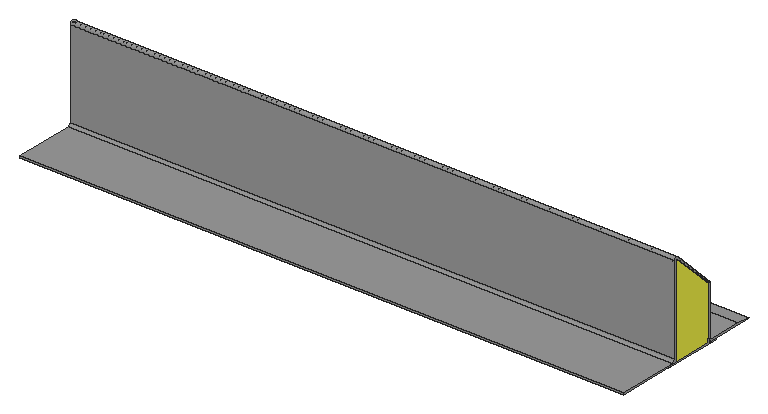
Revit family "HD K 90 WIL", category Generic Models, Revit 2014
Parameters (values of type "Max lintel length 2700mm")
  URL = "http://www.keystonelintels.co.uk"
  Structural Opening [instance] = 900 mm
  Structural Performance = "The Keystone lintel range has safe working loads as detailed in each applicable loading table in the Keystone Lintel Guide brochure. The structural performance figures within each table have been ascertained by testing in accordance with the requirements of standards BS EN 5977-2: 1983 and BS EN 845-2: 2003."
  RIBA Productor Selector = "available for Keystone Lintels Ltd from Keystone Lintels Ltd from ribaproductselector.com"
  Model = "HD/K 90 WIL"
  Min Length = 600 mm
  Min Clear Span = 300 mm
  Max Length = 2700 mm
  Max Clear Span = 2700 mm
  Material - Stainless Steel = "Grade 304 2b 1.4307 to BS EN 10088-2. Other grades available on request: contact manufacturer."
  Material - Galvanised Steel = "To BS EN 10346: 2009. DX51D plus Z600 or grade Z275 to BS 5977-2: 1983 (BS EN 845-2: 2003)."
  Manufacturer = "Keystone"
  Manufactured Length [instance] = (roundup(Effective Length / 150 mm) * 150 mm)  # 1200 mm
  Lintel height [instance] = 2100 mm
  Keynote = "F30/755"
  Fire Performance = "Keystone lintels have been subjected to a fire test (WARRES No. 101263) in accordance with BS 476-20: 1987, at Exova Warrington Fire and achieved a one hour fire performance."
  End Bearing = 150 mm
  Effective Length [instance] = Clear Opening with MIN MAX set + End Bearing * 2  # 1200 mm
  Corrosion = "Keystone’s standard range of lintels are manufactured from high quality grade pre-galvanized carbon steel with a zinc coating of 600"
  Contact Tel = "+44 (0)28 8676 2184"
  Contact Email = "info@keystonelintels.co.uk"
  Clear Opening with MIN MAX set [instance] = if(Structural Opening < Min Clear Span, Min Clear Span, (if(Structural Opening > Max Clear Span, Max Clear Span, Structural Opening)))  # 900 mm
  CPD Information = "Available for Keystone Lintels Ltd from ribacpd.com"
Reference planes
  plane 1 "Center (Front/Back)": y = 0
  plane 2: z = 0
  plane 3 "Center (Left/Right)": x = 0
  plane 4: x = -600
  plane 5: x = 600
  plane 6: z = 2100
  plane 7: x = -450
  plane 8: x = 450
Forms (mm)
  Extrusion 1, solid, material "Steel"
    sketch origin (0, 700.572, -516.729) x (0, 1, 0) y (0, 0, 1)
      loop
        line (-563.096, 2615.869) -> (-562.986, 2619.067) -> (-587.986, 2619.929) -> (-652.986, 2619.929)
        arc (-652.986, 2619.929) -> (-656.522, 2621.393) -> (-657.986, 2624.929) r 5
        line (-657.986, 2624.929) -> (-657.986, 2721.954)
        arc (-657.986, 2721.954) -> (-658.382, 2723.944) -> (-659.509, 2725.631) r 5.2
        line (-659.509, 2725.631) -> (-737.109, 2803.231)
        arc (-737.109, 2803.231) -> (-742.776, 2804.358) -> (-745.986, 2799.554) r 5.2
        line (-745.986, 2799.554) -> (-745.986, 2624.929)
        arc (-745.986, 2624.929) -> (-747.451, 2621.393) -> (-750.986, 2619.929) r 5
        line (-750.986, 2619.929) -> (-870.986, 2619.929) -> (-870.986, 2616.729) -> (-750.986, 2616.729)
        arc (-750.986, 2616.729) -> (-745.188, 2619.13) -> (-742.786, 2624.929) r 8.2
        line (-742.786, 2624.929) -> (-742.786, 2799.554)
        arc (-742.786, 2799.554) -> (-741.552, 2801.401) -> (-739.372, 2800.968) r 2
        line (-739.372, 2800.968) -> (-661.772, 2723.368)
        arc (-661.772, 2723.368) -> (-661.338, 2722.719) -> (-661.186, 2721.954) r 2
        line (-661.186, 2721.954) -> (-661.186, 2624.929)
        arc (-661.186, 2624.929) -> (-658.784, 2619.13) -> (-652.986, 2616.729) r 8.2
        line (-652.986, 2616.729) -> (-588.041, 2616.729) -> (-563.096, 2615.869)
    from -600 to 600
  Extrusion 2, solid, material "Steel"
    sketch origin (0, 700.572, -516.729) x (0, 1, 0) y (0, 0, 1)
      loop
        line (-759.486, 2615.729) -> (-644.486, 2615.729) -> (-644.486, 2616.729) -> (-661.486, 2616.729) -> (-661.486, 2624.729) -> (-662.486, 2624.729) -> (-662.486, 2616.729) -> (-759.486, 2616.729) -> (-759.486, 2615.729)
    from -600 to 600
  Extrusion 3, solid, material "Insulation"
    sketch origin (0, 700.572, -516.729) x (0, 1, 0) y (0, 0, 1)
      loop
        arc (-652.986, 2616.729) -> (-658.784, 2619.13) -> (-661.186, 2624.929) r 8.2
        line (-661.186, 2624.929) -> (-661.186, 2721.954)
        arc (-661.186, 2721.954) -> (-661.338, 2722.719) -> (-661.772, 2723.368) r 2
        line (-661.772, 2723.368) -> (-739.372, 2800.968)
        arc (-739.372, 2800.968) -> (-741.552, 2801.401) -> (-742.786, 2799.554) r 2
        line (-742.786, 2799.554) -> (-742.786, 2624.929)
        arc (-742.786, 2624.929) -> (-745.188, 2619.13) -> (-750.986, 2616.729) r 8.2
        line (-750.986, 2616.729) -> (-662.486, 2616.729) -> (-662.486, 2624.729) -> (-661.486, 2624.729) -> (-661.486, 2616.729) -> (-652.986, 2616.729)
    from -600 to 600
  Extrusion 4, solid, not visible
    sketch origin (0, 1067.467, 1267.484) x (0, 1, 0) y (0, 0, 1)
      loop
        line (-563.096, 1015.869) -> (-562.986, 1019.067) -> (-587.986, 1019.929) -> (-652.986, 1019.929)
        arc (-652.986, 1019.929) -> (-656.522, 1021.393) -> (-657.986, 1024.929) r 5
        line (-657.986, 1024.929) -> (-657.986, 1121.954)
        arc (-657.986, 1121.954) -> (-658.382, 1123.944) -> (-659.509, 1125.631) r 5.2
        line (-659.509, 1125.631) -> (-737.109, 1203.231)
        arc (-737.109, 1203.231) -> (-742.776, 1204.358) -> (-745.986, 1199.554) r 5.2
        line (-745.986, 1199.554) -> (-745.986, 1024.929)
        arc (-745.986, 1024.929) -> (-747.451, 1021.393) -> (-750.986, 1019.929) r 5
        line (-750.986, 1019.929) -> (-870.986, 1019.929) -> (-870.986, 1016.729) -> (-750.986, 1016.729)
        arc (-750.986, 1016.729) -> (-745.188, 1019.13) -> (-742.786, 1024.929) r 8.2
        line (-742.786, 1024.929) -> (-742.786, 1199.554)
        arc (-742.786, 1199.554) -> (-741.552, 1201.401) -> (-739.372, 1200.968) r 2
        line (-739.372, 1200.968) -> (-661.772, 1123.368)
        arc (-661.772, 1123.368) -> (-661.338, 1122.719) -> (-661.186, 1121.954) r 2
        line (-661.186, 1121.954) -> (-661.186, 1024.929)
        arc (-661.186, 1024.929) -> (-658.784, 1019.13) -> (-652.986, 1016.729) r 8.2
        line (-652.986, 1016.729) -> (-588.041, 1016.729) -> (-563.096, 1015.869)
    from 0 to 250
  Extrusion 5, solid, not visible
    sketch origin (0, 566.393, 1241.63) x (0, 1, 0) y (0, 0, 1)
      loop
        arc (-652.986, 1016.729) -> (-658.784, 1019.13) -> (-661.186, 1024.929) r 8.2
        line (-661.186, 1024.929) -> (-661.186, 1121.954)
        arc (-661.186, 1121.954) -> (-661.338, 1122.719) -> (-661.772, 1123.368) r 2
        line (-661.772, 1123.368) -> (-739.372, 1200.968)
        arc (-739.372, 1200.968) -> (-741.552, 1201.401) -> (-742.786, 1199.554) r 2
        line (-742.786, 1199.554) -> (-742.786, 1024.929)
        arc (-742.786, 1024.929) -> (-745.188, 1019.13) -> (-750.986, 1016.729) r 8.2
        line (-750.986, 1016.729) -> (-662.486, 1016.729) -> (-662.486, 1024.729) -> (-661.486, 1024.729) -> (-661.486, 1016.729) -> (-652.986, 1016.729)
    from 0 to 250
  Extrusion 6, solid, not visible
    sketch origin (0, 944.727, 958.141) x (0, 1, 0) y (0, 0, 1)
      loop
        line (-759.486, 1015.729) -> (-644.486, 1015.729) -> (-644.486, 1016.729) -> (-661.486, 1016.729) -> (-661.486, 1024.729) -> (-662.486, 1024.729) -> (-662.486, 1016.729) -> (-759.486, 1016.729) -> (-759.486, 1015.729)
    from 0 to 250
Dimensions and locks
  equal spacing: plane 4, plane 3 "Center (Left/Right)", plane 5
  "Manufactured Length": plane 4 to plane 5
  "Lintel height": plane 6 to level
  "Structural Opening": plane 7 to plane 8
  equal spacing: plane 7, plane 3 "Center (Left/Right)", plane 8
  aligned and locked: level to plane 2
  aligned and locked: Extrusion 1 to plane 6
  aligned and locked: Extrusion 3 to plane 6
  aligned and locked: plane 6 to Extrusion 2
  aligned and locked: plane 5 to Extrusion 1
  aligned and locked: Extrusion 1 to plane 4
  aligned and locked: plane 5 to Extrusion 2
  aligned and locked: Extrusion 2 to plane 4
  aligned and locked: plane 5 to Extrusion 3
  aligned and locked: Extrusion 3 to plane 4
Automatic sketch dimensions
  Extrusion 1 sketch curve to Extrusion 1 sketch curve = 24.945 mm
  Extrusion 1 sketch curve to Extrusion 1 sketch curve = 0.11 mm
  Extrusion 1 sketch curve to Extrusion 1 sketch curve = 0.86 mm
  Extrusion 1 sketch curve to Extrusion 1 sketch curve = 0.055 mm
  Extrusion 1 sketch curve to Extrusion 1 sketch curve = 65 mm
  Extrusion 1 sketch curve to Extrusion 1 sketch curve = 5 mm  (x2)
  Extrusion 1 sketch curve to Extrusion 1 sketch curve = 0 mm  (x17)
  Extrusion 1 sketch curve to Extrusion 1 sketch curve = 97.025 mm
  Extrusion 1 sketch curve to Extrusion 1 sketch curve = 2 mm
  Extrusion 1 sketch curve to Extrusion 1 sketch curve = 0.586 mm
  Extrusion 1 sketch curve to Extrusion 1 sketch curve = 2.263 mm  (x3)
  Extrusion 1 sketch curve to Extrusion 1 sketch curve = 77.6 mm  (x2)
  Extrusion 1 sketch curve to Extrusion 1 sketch curve = 1.414 mm  (x2)
  Extrusion 1 sketch curve to Extrusion 1 sketch curve = 120 mm
  Extrusion 2 sketch curve to Extrusion 2 sketch curve = 115 mm
  Extrusion 2 sketch curve to Extrusion 2 sketch curve = 1 mm  (x2)
  Extrusion 2 sketch curve to Extrusion 2 sketch curve = 17 mm
  Extrusion 2 sketch curve to Extrusion 2 sketch curve = 8 mm
  Extrusion 2 sketch curve to Extrusion 2 sketch curve = 0 mm
  Extrusion 3 sketch curve to Extrusion 3 sketch curve = 8.2 mm  (x2)
  Extrusion 3 sketch curve to Extrusion 3 sketch curve = 2 mm
  Extrusion 3 sketch curve to Extrusion 3 sketch curve = 1.414 mm  (x2)
  Extrusion 3 sketch curve to Extrusion 3 sketch curve = 77.6 mm  (x2)
  Extrusion 3 sketch curve to Extrusion 3 sketch curve = 80.3 mm
  Extrusion 3 sketch curve to Extrusion 3 sketch curve = 1 mm
  Extrusion 3 sketch curve to Extrusion 3 sketch curve = 0.586 mm
  Extrusion 3 sketch curve to Extrusion 3 sketch curve = 0 mm
  Extrusion 3 sketch curve to Extrusion 3 sketch curve = 0.2 mm
  Extrusion 3 sketch curve to Extrusion 3 sketch curve = 97.025 mm
  Extrusion 4 sketch curve to Extrusion 4 sketch curve = 24.945 mm
  Extrusion 4 sketch curve to Extrusion 4 sketch curve = 0.11 mm
  Extrusion 4 sketch curve to Extrusion 4 sketch curve = 0.86 mm
  Extrusion 4 sketch curve to Extrusion 4 sketch curve = 0.055 mm
  Extrusion 4 sketch curve to Extrusion 4 sketch curve = 65 mm
  Extrusion 4 sketch curve to Extrusion 4 sketch curve = 5 mm  (x2)
  Extrusion 4 sketch curve to Extrusion 4 sketch curve = 0 mm  (x17)
  Extrusion 4 sketch curve to Extrusion 4 sketch curve = 97.025 mm
  Extrusion 4 sketch curve to Extrusion 4 sketch curve = 2 mm
  Extrusion 4 sketch curve to Extrusion 4 sketch curve = 0.586 mm
  Extrusion 4 sketch curve to Extrusion 4 sketch curve = 2.263 mm  (x3)
  Extrusion 4 sketch curve to Extrusion 4 sketch curve = 77.6 mm  (x2)
  Extrusion 4 sketch curve to Extrusion 4 sketch curve = 1.414 mm  (x2)
  Extrusion 4 sketch curve to Extrusion 4 sketch curve = 120 mm
  Extrusion 5 sketch curve to Extrusion 5 sketch curve = 8.2 mm  (x2)
  Extrusion 5 sketch curve to Extrusion 5 sketch curve = 2 mm
  Extrusion 5 sketch curve to Extrusion 5 sketch curve = 1.414 mm  (x2)
  Extrusion 5 sketch curve to Extrusion 5 sketch curve = 77.6 mm  (x2)
  Extrusion 5 sketch curve to Extrusion 5 sketch curve = 80.3 mm
  Extrusion 5 sketch curve to Extrusion 5 sketch curve = 1 mm
  Extrusion 5 sketch curve to Extrusion 5 sketch curve = 0.586 mm
  Extrusion 5 sketch curve to Extrusion 5 sketch curve = 0 mm
  Extrusion 5 sketch curve to Extrusion 5 sketch curve = 0.2 mm
  Extrusion 5 sketch curve to Extrusion 5 sketch curve = 97.025 mm
  Extrusion 6 sketch curve to Extrusion 6 sketch curve = 115 mm
  Extrusion 6 sketch curve to Extrusion 6 sketch curve = 1 mm  (x2)
  Extrusion 6 sketch curve to Extrusion 6 sketch curve = 17 mm
  Extrusion 6 sketch curve to Extrusion 6 sketch curve = 8 mm
  Extrusion 6 sketch curve to Extrusion 6 sketch curve = 0 mm
  Extrusion 1 sketch curve to plane 6 = 0 mm
  plane 1 "Center (Front/Back)" to Extrusion 1 sketch curve = 170.414 mm
  Extrusion 3 sketch curve to plane 6 = 0 mm
  plane 1 "Center (Front/Back)" to Extrusion 3 sketch curve = 50.414 mm
  Extrusion 2 sketch curve to plane 6 = 0 mm
  plane 1 "Center (Front/Back)" to Extrusion 2 sketch curve = 58.914 mm
